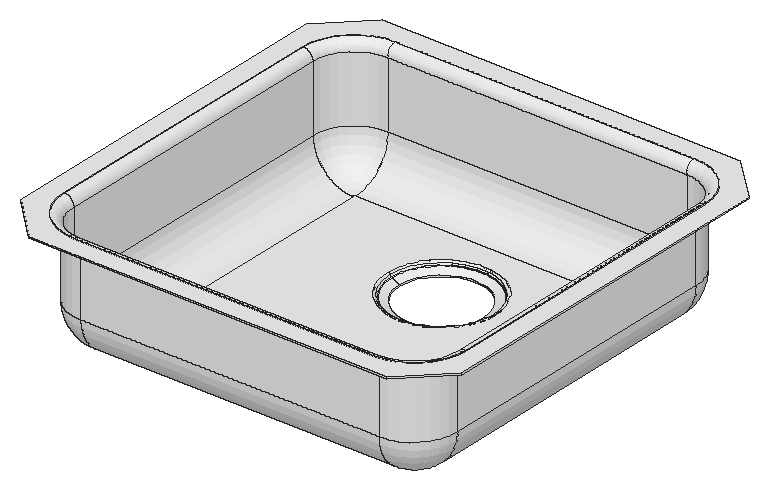
Revit family "equip-sink-undr-elkay-single-lustertone", category Plumbing Fixtures, Revit 2019
Family settings
  Round Connector Dimension = Use Radius
  Part Type = Normal
  OmniClass Number = 23.45.05.14.14.27
  OmniClass Title = Service Sinks
  Work Plane-Based = No
  Always vertical = Yes
  Cut with Voids When Loaded = No
  Shared = No
  Room Calculation Point = No
Parameters (values of type "ELUHAD161650")
  URL = "www.elkayusa.com"
  Template Included = "yes"  # constant formula
  Specification Sheet URL = ""
  Sound Deadening = "Bottom only pads"  # constant formula
  Sink Width = 1' - 6 129/256"
  Sink Material = Metal - Steel - Stainless - Chrome
  Sink Length = 1' - 6 129/256"
  Sink Ledge Sides Width = Sink Ledge Corner Width  # 0' - 1 1/4"
  Sink Ledge Front Width = Sink Ledge Corner Width  # 0' - 1 1/4"
  Sink Ledge Corner Width = 0' - 1 1/4"  # constant formula
  Sink Ledge Back Width = Sink Ledge Corner Width  # 0' - 1 1/4"
  Sink Dimensions = "18-1/2 inch x 18-1/2 inch x 4-7/8 inch"  # constant formula
  Sink Depth = 0' - 4 113/128"
  Sanitary Flow Rate = 10 GPM
  OmniClass Title = "Service Sinks"
  OmniClass Code = "23.45.05.14.14.27"
  Number of Bowls = "1\r"  # constant formula
  Nominal Radius = Nominal Dia / 2  # 0' - 0 3/4"
  Nominal Dia = 0' - 1 1/2"
  Mounting Hardware = "Undermount brackets sold separately"  # constant formula
  Model Number = "ELUHAD161650"
  Model = "Lustertone Undermount"
  Minimum Cabinet Size = "24 inch"  # constant formula
  Material = "304 Stainless Steel"  # constant formula
  MasterFormat Title = "Commercial Sinks"
  MasterFormat Number = "22.42.16.16"
  Manufacturer = "Elkay Manufacturing"
  Installation Type = "Undermount"  # constant formula
  Gauge = "18"  # constant formula
  Finish = "Lustrous Satin"  # constant formula
  Drain Size = "3-1/2 inch (89mm)\r"  # constant formula
  Drain Locations = "Rear Center"  # constant formula
  Drain Location = 0' - 5"
  Description = "Lustertone Single Bowl Sink"
  Deep Specification Sheet URL = ""
  Date Created = "2021-07-21"
  Cutout Template # = "1000001420"  # constant formula
  CL Sink to CL Drain = 0' - 0"
  Bowl1 Dimensions = "16 inch x 16 inch x 4-7/8 inch"  # constant formula
  Bowl Width = (Sink Width - Sink Ledge Front Width - Sink Ledge Back Width)  # 1' - 4 1/256"
  Bowl Length = Sink Length - Sink Ledge Sides Width - Sink Ledge Sides Width  # 1' - 4 1/256"
  Assembly Code = "D2010410"
Reference planes (in)
  plane 1 "CL Sink Hole": y = 3.00195
  plane 2 "Top": z = 0
  plane 3 "Center (Left/Right)": x = 0
  plane 4 "Basin Edge Left": x = -8.00195
  plane 5 "Basin Edge Right": x = 8.00195
  plane 6 "Basin Edge Back": y = 8.00195
  plane 7 "Basin Edge Front": y = -8.00195
  plane 8 "Left": x = -9.25195
  plane 9 "Right": x = 9.25195
  plane 10 "Back": y = 9.25195
  plane 11 "Front": y = -9.25195
  plane 12 "Sink Angle Right": x = 6.78749
  plane 13 "Sink Angle Back": y = 6.78749
  plane 14 "Sink Angle Left": x = -6.78749
  plane 15 "Sink Angle Front": y = -6.78749
  plane 16 "Edge Radii Right": x = 8.42383
  plane 17 "Edge of Radii Left": x = -8.42383
  plane 18 "Sink Bowl Bottom (Top Face)": z = -4.88281
  plane 19 "Sink Top Piece Bottom Face": z = -0.0625
  plane 20 "Top Radius Corner Prot": z = -0.42188
  plane 21: z = -3.19531
  plane 22 "Sink Bowl Bottom (Bottom Face)": z = -4.94531
  plane 23 "Left Sink Bottom Piece Left Edge": x = -6.31445
  plane 24 "Sink Bottom Piece Right Edge": x = 6.31445
  plane 25 "Sink Bottom Piece Back Edge": y = 6.31445
  plane 26 "Sink Bottom Piece Front Edge": y = -6.31445
  plane 27 "Center (Front/Back)": y = 0
  plane 28 "Bowl CL Drain": x = 0
  plane 29 "Edge Radii Front": y = -8.42383
  plane 30 "Right Sink Right Edge Radius": x = 6.25195
  plane 31 "Front Edge Bottom Edge Radius": y = -6.25195
  plane 32 "Back Edge Bottom Edge Radius": y = 6.25195
  plane 33 "Edge Radii Back": y = 8.42383
  plane 34 "Left Bowl Bottom Edge Radius": x = -6.25195
  plane 35 "Masking Region": z = 1.25157
  plane 36 "Sink Drain Elev Bottom": z = -6.38281
  plane 37 "Sink Drain Elev Top": z = -6.13281
  plane 38 "Top Radius Elev - 1-8": z = -0.10938
  plane 39 "Top Radius 1-8 Front": y = -8.11133
  plane 40 "Top Radius 1-8 Left": x = -8.11133
  plane 41 "Top Radius 1-8 Right": x = 8.11133
  plane 42 "Top Radius 1-8 Back": y = 8.11133
  plane 43 "Inside Radius Tangent Right": x = 6.97683
  plane 44 "Inside Radius Tangent Back": y = 6.97683
  plane 45 "Inside Radius Tangent Front": y = -6.97683
  plane 46 "Inside Radius Tangent Left": x = -6.97683
Forms (in)
  Extrusion 1, solid, material "Metal - Steel - Stainless - Chrome" <- "Sink Material"
    sketch origin (0, 0, 0) x (1, 0, 0) y (0, 1, 0)
      loop
        line (9.25195, 7.49459) -> (7.49459, 9.25195) -> (-7.49459, 9.25195) -> (-9.25195, 7.49459) -> (-9.25195, -7.49459) -> (-7.49459, -9.25195) -> (7.49459, -9.25195) -> (9.25195, -7.49459) -> (9.25195, 7.49459)
      loop
        arc (-6.25195, 8.42383) -> (-7.7877, 7.7877) -> (-8.42383, 6.25195) r 2.17187
        line (-8.42383, 6.25195) -> (-8.42383, -6.25195)
        arc (-8.42383, -6.25195) -> (-7.7877, -7.7877) -> (-6.25195, -8.42383) r 2.17188
        line (-6.25195, -8.42383) -> (6.25195, -8.42383)
        arc (6.25195, -8.42383) -> (7.7877, -7.7877) -> (8.42383, -6.25195) r 2.17188
        line (8.42383, -6.25195) -> (8.42383, 6.25195)
        arc (8.42383, 6.25195) -> (7.7877, 7.7877) -> (6.25195, 8.42383) r 2.17188
        line (6.25195, 8.42383) -> (-6.25195, 8.42383)
    from -0.0625 to 0
  Extrusion 2, solid, material "Metal - Steel - Stainless - Chrome" <- "Sink Material"
    sketch origin (0, 0, 0) x (1, 0, 0) y (0, 1, 0)
      loop
        arc (-6.25195, 6.31445) -> (-6.29615, 6.29615) -> (-6.31445, 6.25195) r 0.0625
        line (-6.31445, 6.25195) -> (-6.31445, -6.25195)
        arc (-6.31445, -6.25195) -> (-6.29615, -6.29615) -> (-6.25195, -6.31445) r 0.0625
        line (-6.25195, -6.31445) -> (6.25195, -6.31445)
        arc (6.25195, -6.31445) -> (6.29615, -6.29615) -> (6.31445, -6.25195) r 0.0625
        line (6.31445, -6.25195) -> (6.31445, 6.25195)
        arc (6.31445, 6.25195) -> (6.29615, 6.29615) -> (6.25195, 6.31445) r 0.0625
        line (6.25195, 6.31445) -> (-6.25195, 6.31445)
      loop
        circle (0, 3.00195) r 2.25
    from -4.94531 to -4.88281
  Sweep 3, solid, material "Metal - Steel - Stainless - Chrome" <- "Sink Material"
    path origin (14.75, 0, -4.88281) x (-1, 0, 0) y (0, -1, 0)
      loop
        circle (14.75, -3.00195) r 2.25
    profile "profile-elkay-sink-hole-3 : profile-elkay-sink-hole-3" origin (0, 0.75195, -4.88281) x (0, 1, 0) y (0, 0, 1)
      loop
        line (0.5, -0.29111) -> (0.15646, -0.13437)
        arc (0.15646, -0.13437) -> (0.14249, -0.12559) -> (0.13131, -0.11346) r 0.0625
        line (0.13131, -0.11346) -> (0.08817, -0.05226)
        arc (0.08817, -0.05226) -> (0.05064, -0.01507) -> (0, 0) r 0.1086
        line (0, 0) -> (0, -0.04618)
        arc (0, -0.04618) -> (0.02621, -0.05419) -> (0.04646, -0.07265) r 0.0625
        line (0.04646, -0.07265) -> (0.09341, -0.13969)
        arc (0.09341, -0.13969) -> (0.11294, -0.16097) -> (0.13739, -0.17634) r 0.1086
        line (0.13739, -0.17634) -> (0.5, -0.34178) -> (0.5, -0.29111)
  Sweep 4, solid, material "Metal - Steel - Stainless - Chrome" <- "Sink Material"
    path origin (0, 0, 0) x (1, 0, 0) y (0, 1, 0)
      loop
        line (-6.25195, -8.00195) -> (6.25195, -8.00195)
        arc (6.25195, -8.00195) -> (7.48939, -7.48939) -> (8.00195, -6.25195) r 1.75
        line (8.00195, -6.25195) -> (8.00195, 6.25195)
        arc (8.00195, 6.25195) -> (7.48939, 7.48939) -> (6.25195, 8.00195) r 1.75
        line (6.25195, 8.00195) -> (-6.25195, 8.00195)
        arc (-6.25195, 8.00195) -> (-7.48939, 7.48939) -> (-8.00195, 6.25195) r 1.75
        line (-8.00195, 6.25195) -> (-8.00195, -6.25195)
        arc (-8.00195, -6.25195) -> (-7.48939, -7.48939) -> (-6.25195, -8.00195) r 1.75
    profile origin (0, -8.00195, 0) x (0, 1, 0) y (0, 0, 1)
      loop
        arc (0, -0.42187) -> (-0.12356, -0.12356) -> (-0.42187, 0) r 0.42188
        line (-0.42187, 0) -> (-0.42187, -0.0625)
        arc (-0.42187, -0.0625) -> (-0.16776, -0.16776) -> (-0.0625, -0.42187) r 0.35938
        line (-0.0625, -0.42187) -> (-0.0625, -3.19531)
        arc (-0.0625, -3.19531) -> (0.45006, -4.43275) -> (1.6875, -4.94531) r 1.75
        line (1.6875, -4.94531) -> (1.6875, -4.88281)
        arc (1.6875, -4.88281) -> (0.49426, -4.38856) -> (0, -3.19531) r 1.6875
        line (0, -3.19531) -> (0, -0.42187)
  Extrusion 5, solid, material "Glass", not visible
    sketch origin (0, 0, -6.13281) x (0, -1, 0) y (1, 0, 0)
      loop
        circle (-3.00195, 0) r 1.5
    from 0.64358 to 0.90822
Cuts and joins
  joined: Extrusion 2, Sweep 3, Sweep 4
Lines and regions (in)
  Masking region 1
    outline origin (0, 0, 0) x (1, 0, 0) y (0, 1, 0)
      loop
        line (-8.42383, 6.25195) -> (-8.42383, -6.25195)
        arc (-8.42383, -6.25195) -> (-7.7877, -7.7877) -> (-6.25195, -8.42383) r 2.17188
        line (-6.25195, -8.42383) -> (6.25195, -8.42383)
        arc (6.25195, -8.42383) -> (7.7877, -7.7877) -> (8.42383, -6.25195) r 2.17188
        line (8.42383, -6.25195) -> (8.42383, 6.25195)
        arc (8.42383, 6.25195) -> (7.7877, 7.7877) -> (6.25195, 8.42383) r 2.17188
        line (6.25195, 8.42383) -> (-6.25195, 8.42383)
        arc (-6.25195, 8.42383) -> (-7.7877, 7.7877) -> (-8.42383, 6.25195) r 2.17187
  reference lines, not visible
    curve 1: arc (-0.625, 3.00195, -3.19531) -> (-1.11926, 3.00195, -4.38856) -> (-2.3125, 3.00195, -4.88281) r 1.6875
    curve 2: arc (-8.00195, 3.00195, -3.19531) -> (-7.5077, 3.00195, -4.38856) -> (-6.31445, 3.00195, -4.88281) r 1.6875
    curve 3: arc (-0.625, 3.00195, -0.42188) -> (-0.50144, 3.00195, -0.12356) -> (-0.20313, 3.00195, 0) r 0.42188
    curve 4: arc (0, -6.31445, -4.88281) -> (0, -7.5077, -4.38856) -> (0, -8.00195, -3.19531) r 1.6875
    curve 5: arc (0, -8.00195, -0.42188) -> (0, -8.12552, -0.12356) -> (0, -8.42383, 0) r 0.42188
    curve 6: arc (6.31445, 6.25195, 0) -> (6.29615, 6.29615, 0) -> (6.25195, 6.31445, 0) r 0.0625
    curve 7: arc (6.31445, -6.25195, 0) -> (6.29615, -6.29615, 0) -> (6.25195, -6.31445, 0) r 0.0625
    curve 8: arc (8.00195, 6.25195, 1.25157) -> (7.48939, 7.48939, 1.25157) -> (6.25195, 8.00195, 1.25157) r 1.75
    curve 9: arc (8.00195, -6.25195, 1.25157) -> (7.48939, -7.48939, 1.25157) -> (6.25195, -8.00195, 1.25157) r 1.75
    curve 12: arc (-6.25195, -6.31445, 0) -> (-6.29615, -6.29615, 0) -> (-6.31445, -6.25195, 0) r 0.0625
    curve 13: arc (-6.25195, 6.31445, 0) -> (-6.29615, 6.29615, 0) -> (-6.31445, 6.25195, 0) r 0.0625
    curve 16: arc (-7.44395, 7.53322, 1.25157) -> (-7.8564, 6.9507, 1.25157) -> (-8.00195, 6.25195, 1.25157) r 1.75
    curve 17: arc (-8.00195, -6.25195, 1.25157) -> (-7.48939, -7.48939, 1.25157) -> (-6.25195, -8.00195, 1.25157) r 1.75
    curve 18: circle (0, 3.00195, -6.38281) r 0.75 normal (0, 0, 1)
    curve 20: circle (0, 3.00195, -4.88281) r 1.75 normal (0, 0, 1)
    curve 29: arc (-6.25195, 9.12695, 1.25157) -> (-8.28489, 8.28489, 1.25157) -> (-9.12695, 6.25195, 1.25157) r 2.875
    curve 30: arc (8.75195, 6.25195, 1.25157) -> (8.01972, 8.01972, 1.25157) -> (6.25195, 8.75195, 1.25157) r 2.5
    curve 31: line (-6.97683, 8.00195, 0) -> (-8.00195, 6.97683, 0)
    curve 32: line (6.97683, 8.00195, 0) -> (8.00195, 6.97683, 0)
    curve 33: line (7.0994, 9.64715, 0) -> (9.69572, 7.05083, 0)
    curve 34: line (8.00195, -6.97683, 0) -> (6.97683, -8.00195, 0)
    curve 35: line (9.66524, -7.08131, 0) -> (7.11807, -9.62848, 0)
    curve 36: line (-8.00195, -6.97683, 0) -> (-6.97683, -8.00195, 0)
    curve 37: line (-9.84297, -6.90358, 0) -> (-7.39842, -9.34812, 0)
    curve 38: line (-7.05192, 9.69462, 0) -> (-9.65293, 7.09361, 0)
  reference lines
    curve 10: arc (8.42383, 6.25195, 0) -> (7.7877, 7.7877, 0) -> (6.25195, 8.42383, 0) r 2.17188
    curve 11: arc (-6.25195, -8.42383, 0) -> (-7.7877, -7.7877, 0) -> (-8.42383, -6.25195, 0) r 2.17188
    curve 14: arc (-6.25195, 8.42383, 0) -> (-7.7877, 7.7877, 0) -> (-8.42383, 6.25195, 0) r 2.17187
    curve 15: arc (8.42383, -6.25195, 0) -> (7.7877, -7.7877, 0) -> (6.25195, -8.42383, 0) r 2.17188
    curve 19: circle (0, 3.00195, -4.88281) r 2.25 normal (0, 0, 1)
    curve 21: circle (0, 3.00195, -4.88281) r 2.25 normal (0, 0, 1)
    curve 24: arc (0, -8.00195, -0.10938) -> (0, -8.03399, -0.03204) -> (0, -8.11133, 0) r 0.10938
    curve 25: arc (8.11133, 6.25195, 0) -> (7.56673, 7.56673, 0) -> (6.25195, 8.11133, 0) r 1.85938
    curve 26: arc (-6.25195, 8.11133, 0) -> (-7.56673, 7.56673, 0) -> (-8.11133, 6.25195, 0) r 1.85938
    curve 27: arc (-6.25195, -8.11133, 0) -> (-7.56673, -7.56673, 0) -> (-8.11133, -6.25195, 0) r 1.85938
    curve 28: arc (8.11133, -6.25195, 0) -> (7.56673, -7.56673, 0) -> (6.25195, -8.11133, 0) r 1.85938
  symbolic lines, style "Sinks"
    curve 22: circle (0, 3.00195, -4.88281) r 2.25 normal (0, 0, 1)
    curve 23: circle (0, 3.00195, -4.88281) r 1.75 normal (0, 0, 1)
    curve 39: line (-6.25195, 8.00195, 0) -> (6.25195, 8.00195, 0)
    curve 40: line (8.00195, 6.25195, 0) -> (8.00195, -6.25195, 0)
    curve 41: line (-6.25195, -8.00195, 0) -> (6.25195, -8.00195, 0)
    curve 42: line (-8.00195, 6.25195, 0) -> (-8.00195, -6.25195, 0)
    curve 43: arc (8.00195, 6.25195, 0) -> (7.48939, 7.48939, 0) -> (6.25195, 8.00195, 0) r 1.75
    curve 44: arc (-6.25195, 8.00195, 0) -> (-7.48939, 7.48939, 0) -> (-8.00195, 6.25195, 0) r 1.75
    curve 45: arc (-8.00195, -6.25195, 0) -> (-7.48939, -7.48939, 0) -> (-6.25195, -8.00195, 0) r 1.75
    curve 46: arc (8.00195, -6.25195, 0) -> (7.48939, -7.48939, 0) -> (6.25195, -8.00195, 0) r 1.75
Dimensions and locks (in)
  "Sink Ledge Sides Width": plane 8 "Left" to plane 4 "Basin Edge Left"
  "Sink Ledge Sides Width": plane 5 "Basin Edge Right" to plane 9 "Right"
  "Sink Length": plane 8 "Left" to plane 9 "Right"
  "Drain Location": plane 6 "Basin Edge Back" to plane 1 "CL Sink Hole"
  "Sink Ledge Back Width": plane 10 "Back" to plane 6 "Basin Edge Back"
  "Sink Ledge Front Width": plane 7 "Basin Edge Front" to plane 11 "Front"
  plane 12 "Sink Angle Right" to plane 9 "Right" = 0' - 2.46447"
  plane 10 "Back" to plane 13 "Sink Angle Back" = 0' - 2.46447"
  plane 8 "Left" to plane 14 "Sink Angle Left" = 0' - 2.46447"
  plane 15 "Sink Angle Front" to plane 11 "Front" = 0' - 2.46447"
  "Sink Width": plane 10 "Back" to plane 11 "Front"
  locked: plane 17 "Edge of Radii Left" to plane 4 "Basin Edge Left" at 0.42188
  locked: plane 26 "Sink Bottom Piece Front Edge" to plane 7 "Basin Edge Front" at 1.6875
  locked: plane 4 "Basin Edge Left" to plane 23 "Left Sink Bottom Piece Left Edge" at 1.6875
  locked: plane 24 "Sink Bottom Piece Right Edge" to plane 5 "Basin Edge Right" at 1.6875
  locked: plane 6 "Basin Edge Back" to plane 25 "Sink Bottom Piece Back Edge" at 1.6875
  locked: plane 5 "Basin Edge Right" to plane 16 "Edge Radii Right" at 0.42188
  equal spacing: plane 10 "Back", plane 27 "Center (Front/Back)", plane 11 "Front"
  equal spacing: plane 8 "Left", plane 3 "Center (Left/Right)", plane 9 "Right"
  "CL Sink to CL Drain": plane 3 "Center (Left/Right)" to plane 28 "Bowl CL Drain"
  locked: plane 30 "Right Sink Right Edge Radius" to plane 24 "Sink Bottom Piece Right Edge" at 0.0625
  locked: plane 31 "Front Edge Bottom Edge Radius" to plane 26 "Sink Bottom Piece Front Edge" at 0.0625
  locked: plane 25 "Sink Bottom Piece Back Edge" to plane 32 "Back Edge Bottom Edge Radius" at 0.0625
  locked: plane 33 "Edge Radii Back" to plane 6 "Basin Edge Back" at 0.42188
  locked: plane 7 "Basin Edge Front" to plane 29 "Edge Radii Front" at 0.42187
  locked: plane 23 "Left Sink Bottom Piece Left Edge" to plane 34 "Left Bowl Bottom Edge Radius" at 0.0625
  "Sink Depth": plane 2 "Top" to plane 18 "Sink Bowl Bottom (Top Face)"
  locked: plane 2 "Top" to plane 20 "Top Radius Corner Prot" at 0.42188
  locked: plane 2 "Top" to plane 19 "Sink Top Piece Bottom Face" at 0.0625
  locked: plane 21 to plane 18 "Sink Bowl Bottom (Top Face)" at 1.6875
  locked: plane 18 "Sink Bowl Bottom (Top Face)" to plane 22 "Sink Bowl Bottom (Bottom Face)" at 0.0625
  locked: plane 35 "Masking Region" to plane 2 "Top" at 1.25157
  locked: plane 18 "Sink Bowl Bottom (Top Face)" to plane 36 "Sink Drain Elev Bottom" at 1.5
  locked: plane 37 "Sink Drain Elev Top" to plane 36 "Sink Drain Elev Bottom" at 0.25
  locked: plane 39 "Top Radius 1-8 Front" to plane 7 "Basin Edge Front" at 0.10938
  locked: plane 2 "Top" to plane 38 "Top Radius Elev - 1-8" at 0.10938
  locked: plane 40 "Top Radius 1-8 Left" to plane 4 "Basin Edge Left" at 0.10938
  locked: plane 5 "Basin Edge Right" to plane 41 "Top Radius 1-8 Right" at 0.10938
  locked: plane 42 "Top Radius 1-8 Back" to plane 6 "Basin Edge Back" at 0.10938
  locked: plane 32 "Back Edge Bottom Edge Radius" to plane 44 "Inside Radius Tangent Back" at 0.72487
  locked: plane 30 "Right Sink Right Edge Radius" to plane 43 "Inside Radius Tangent Right" at 0.72487
  locked: plane 45 "Inside Radius Tangent Front" to plane 31 "Front Edge Bottom Edge Radius" at 0.72487
  locked: plane 46 "Inside Radius Tangent Left" to plane 34 "Left Bowl Bottom Edge Radius" at 0.72487
  "Sink Ledge Corner Width": curve 32 to curve 33
  "Sink Ledge Corner Width": curve 34 to curve 35
  "Sink Ledge Corner Width": curve 37 to curve 36
  "Sink Ledge Corner Width": curve 38 to curve 31
  plane 1 "CL Sink Hole" to curve 39 = 0' - 5"
  curve 42 to plane 28 "Bowl CL Drain" = 0' - 8.00195"
  "Nominal Radius": radius of curve 18
  aligned: Extrusion 1 to plane 19 "Sink Top Piece Bottom Face"
  aligned: Extrusion 2 to plane 18 "Sink Bowl Bottom (Top Face)"
  aligned and locked: Extrusion 2 to plane 22 "Sink Bowl Bottom (Bottom Face)"
  aligned and locked: plane 18 "Sink Bowl Bottom (Top Face)" to Extrusion 2
  aligned and locked: Extrusion 2 sketch curve to curve 7
  aligned and locked: Extrusion 2 sketch curve to curve 6
  aligned and locked: Sweep 4 sketch curve to curve 8
  aligned and locked: Sweep 4 sketch curve to curve 9
  aligned and locked: Sweep 4 sketch curve to curve 4
  aligned and locked: Extrusion 1 sketch curve to plane 9 "Right"
  aligned and locked: Extrusion 1 sketch curve to plane 10 "Back"
  aligned and locked: Extrusion 1 sketch curve to plane 8 "Left"
  aligned and locked: Extrusion 1 sketch curve to plane 11 "Front"
  aligned and locked: plane 2 "Top" to Extrusion 1
  aligned and locked: Extrusion 1 to plane 19 "Sink Top Piece Bottom Face"
  aligned and locked: Sweep 4 sketch curve to curve 16
  aligned and locked: Sweep 4 sketch curve to curve 17
  aligned and locked: Extrusion 2 sketch curve to curve 13
  aligned and locked: Extrusion 2 sketch curve to curve 12
  aligned and locked: Sweep 3 sketch curve to curve 19
  aligned and locked: Extrusion 2 sketch curve to curve 19
  aligned and locked: curve 22 to curve 21
  aligned and locked: curve 23 to curve 20
  aligned and locked: curve 33 to Extrusion 1 sketch curve
  aligned and locked: curve 35 to Extrusion 1 sketch curve
  aligned and locked: curve 37 to Extrusion 1 sketch curve
  aligned and locked: curve 38 to Extrusion 1 sketch curve
  aligned and locked: Masking region 1 sketch curve to curve 10
  aligned and locked: Masking region 1 sketch curve to curve 14
  aligned and locked: Masking region 1 sketch curve to curve 11
  aligned and locked: Masking region 1 sketch curve to curve 15
  aligned and locked: curve 43 to curve 8
  aligned and locked: curve 44 to curve 16
  aligned and locked: curve 45 to curve 17
  aligned and locked: curve 46 to curve 9
  aligned and locked: Sweep 4 sketch curve to curve 5
  aligned and locked: Sweep 4 sketch curve to plane 29 "Edge Radii Front"
  aligned and locked: Extrusion 1 sketch curve to curve 14
  aligned and locked: Extrusion 1 sketch curve to curve 11
  aligned and locked: Extrusion 1 sketch curve to curve 15
  aligned and locked: Extrusion 1 sketch curve to curve 10
Automatic sketch dimensions
  curve 2 to plane 4 "Basin Edge Left" = 0' - 0"
  curve 2 to plane 21 = 0' - 0"
  curve 2 to plane 23 "Left Sink Bottom Piece Left Edge" = 0' - 0"
  curve 1 to plane 18 "Sink Bowl Bottom (Top Face)" = 0' - 0"
  curve 3 to plane 20 "Top Radius Corner Prot" = 0' - 0"
  curve 1 to plane 21 = 0' - 0"
  plane 1 "CL Sink Hole" to curve 18 = 0' - 0"
  curve 18 to plane 28 "Bowl CL Drain" = 0' - 0"
  curve 3 to level = 0' - 0"
  curve 1 to plane 3 "Center (Left/Right)" = 0' - 2 5/16"
  curve 3 to plane 3 "Center (Left/Right)" = 0' - 0 5/8"
  curve 19 to curve 20 = 0' - 0"  (x2)
  curve 19 to curve 21 = 0' - 0"  (x2)
  curve 20 to curve 21 = 0' - 0"  (x2)
  plane 1 "CL Sink Hole" to curve 20 = 0' - 0"
  curve 20 to plane 28 "Bowl CL Drain" = 0' - 0"
  curve 8 to plane 5 "Basin Edge Right" = 0' - 0"
  curve 16 to plane 4 "Basin Edge Left" = 0' - 0"
  curve 17 to plane 4 "Basin Edge Left" = 0' - 0"
  curve 9 to plane 5 "Basin Edge Right" = 0' - 0"
  curve 5 to level = 0' - 0"
  curve 5 to plane 29 "Edge Radii Front" = 0' - 0"
  curve 24 to plane 38 "Top Radius Elev - 1-8" = 0' - 0"
  curve 24 to plane 39 "Top Radius 1-8 Front" = 0' - 0"
  curve 5 to plane 7 "Basin Edge Front" = 0' - 0"
  curve 4 to plane 7 "Basin Edge Front" = 0' - 0"
  curve 24 to plane 7 "Basin Edge Front" = 0' - 0"
  curve 4 to plane 21 = 0' - 0"
  curve 4 to plane 26 "Sink Bottom Piece Front Edge" = 0' - 0"
  Sweep 4 sketch curve to Sweep 4 sketch curve = 0' - 0"  (x2)
  curve 8 to curve 30 = 0' - 0"  (x4)
  plane 5 "Basin Edge Right" to curve 30 = 0' - 0 3/4"
  curve 6 to curve 10 = 0' - 0"  (x2)
  curve 6 to curve 25 = 0' - 0"  (x2)
  curve 7 to curve 15 = 0' - 0"  (x2)
  curve 7 to curve 28 = 0' - 0"  (x2)
  curve 10 to curve 25 = 0' - 0"  (x2)
  curve 11 to curve 12 = 0' - 0"  (x2)
  curve 11 to curve 27 = 0' - 0"  (x2)
  curve 12 to curve 27 = 0' - 0"  (x2)
  curve 13 to curve 14 = 0' - 0"  (x2)
  curve 13 to curve 26 = 0' - 0"  (x2)
  curve 14 to curve 26 = 0' - 0"  (x2)
  curve 15 to curve 28 = 0' - 0"  (x2)
  curve 14 to plane 17 "Edge of Radii Left" = 0' - 0"
  curve 11 to plane 17 "Edge of Radii Left" = 0' - 0"
  plane 32 "Back Edge Bottom Edge Radius" to curve 26 = 0' - 0"
  curve 26 to plane 40 "Top Radius 1-8 Left" = 0' - 0"
  plane 31 "Front Edge Bottom Edge Radius" to curve 27 = 0' - 0"
  curve 27 to plane 40 "Top Radius 1-8 Left" = 0' - 0"
  curve 31 to plane 4 "Basin Edge Left" = 0' - 0"
  curve 36 to plane 4 "Basin Edge Left" = 0' - 0"
  curve 31 to plane 6 "Basin Edge Back" = 0' - 0"
  curve 31 to plane 46 "Inside Radius Tangent Left" = 0' - 0"
  curve 36 to plane 7 "Basin Edge Front" = 0' - 0"
  curve 36 to plane 46 "Inside Radius Tangent Left" = 0' - 0"
  curve 12 to plane 23 "Left Sink Bottom Piece Left Edge" = 0' - 0"
  curve 13 to plane 23 "Left Sink Bottom Piece Left Edge" = 0' - 0"
  curve 13 to plane 34 "Left Bowl Bottom Edge Radius" = 0' - 0"
  curve 12 to plane 26 "Sink Bottom Piece Front Edge" = 0' - 0"
  curve 25 to plane 30 "Right Sink Right Edge Radius" = 0' - 0"
  curve 15 to plane 29 "Edge Radii Front" = 0' - 0"
  curve 15 to plane 30 "Right Sink Right Edge Radius" = 0' - 0"
  curve 7 to plane 24 "Sink Bottom Piece Right Edge" = 0' - 0"
  curve 6 to plane 24 "Sink Bottom Piece Right Edge" = 0' - 0"
  curve 34 to plane 7 "Basin Edge Front" = 0' - 0"
  curve 34 to plane 43 "Inside Radius Tangent Right" = 0' - 0"
  curve 32 to plane 6 "Basin Edge Back" = 0' - 0"
  curve 32 to plane 43 "Inside Radius Tangent Right" = 0' - 0"
  curve 34 to plane 5 "Basin Edge Right" = 0' - 0"
  curve 32 to plane 5 "Basin Edge Right" = 0' - 0"
  plane 32 "Back Edge Bottom Edge Radius" to curve 25 = 0' - 0"
  curve 25 to plane 41 "Top Radius 1-8 Right" = 0' - 0"
  plane 31 "Front Edge Bottom Edge Radius" to curve 28 = 0' - 0"
  curve 28 to plane 41 "Top Radius 1-8 Right" = 0' - 0"
  curve 10 to plane 16 "Edge Radii Right" = 0' - 0"
  plane 45 "Inside Radius Tangent Front" to curve 34 = 0' - 0"
  plane 45 "Inside Radius Tangent Front" to curve 36 = 0' - 0"
  curve 32 to plane 44 "Inside Radius Tangent Back" = 0' - 0"
  curve 31 to plane 44 "Inside Radius Tangent Back" = 0' - 0"
  plane 44 "Inside Radius Tangent Back" to curve 38 = 0' - 0.11679"
  curve 37 to plane 45 "Inside Radius Tangent Front" = 0' - 0.07325"
  curve 37 to plane 11 "Front" = 0' - 0.09617"
  curve 38 to plane 46 "Inside Radius Tangent Left" = 0' - 0.0751"
  curve 33 to plane 43 "Inside Radius Tangent Right" = 0' - 0.12257"
  curve 35 to plane 43 "Inside Radius Tangent Right" = 0' - 0.14124"
  plane 45 "Inside Radius Tangent Front" to curve 35 = 0' - 0.10448"
  plane 44 "Inside Radius Tangent Back" to curve 33 = 0' - 0.074"
  curve 16 to curve 29 = 0' - 0"  (x2)
  plane 32 "Back Edge Bottom Edge Radius" to curve 16 = 0' - 0"
  curve 16 to plane 34 "Left Bowl Bottom Edge Radius" = 0' - 0"
  curve 16 to plane 46 "Inside Radius Tangent Left" = 0' - 0.46713"
  plane 8 "Left" to curve 29 = 0' - 0 1/8"
  plane 31 "Front Edge Bottom Edge Radius" to curve 17 = 0' - 0"
  curve 17 to plane 34 "Left Bowl Bottom Edge Radius" = 0' - 0"
  curve 9 to plane 7 "Basin Edge Front" = 0' - 0"
  curve 9 to plane 30 "Right Sink Right Edge Radius" = 0' - 0"
  curve 8 to plane 6 "Basin Edge Back" = 0' - 0"
  curve 8 to plane 30 "Right Sink Right Edge Radius" = 0' - 0"
  profile plane to Sweep 4 sketch curve = 0' - 0 1/16"
  plane 1 "CL Sink Hole" to Extrusion 5 sketch curve = 0' - 0"
  plane 3 "Center (Left/Right)" to Extrusion 5 sketch curve = 0' - 0"
  radius of curve 19 = 0' - 2 1/4"
  radius of curve 20 = 0' - 1 3/4"
  radius of curve 21 = 0' - 2 1/4"
  radius of Extrusion 5 sketch curve = 0' - 1 1/2"
Connectors (in)
  piping at (0, 3.00195, -5.22459), diameter 3, driven by "Sanitary Flow Rate"
    settings: on Extrusion 5, index 2, connector inside diameter 1 1/2", connector length 0' - 0", flow factor 0, pipe flow 10 GPM, pressure drop 0.00 psi, fitting loss kfactor 0, connector angle 0.00°, fixture units 0, engagement length 0' - 0", angle of deflection 0.00°, flow configuration 1, flow direction 2, fitting loss method 0, system type 16, joint type 0, gender type 0, connector reference index -1, connector utility 0, adjustable connector yes, is connector primary yes, connector description "Sink Drain Right"
